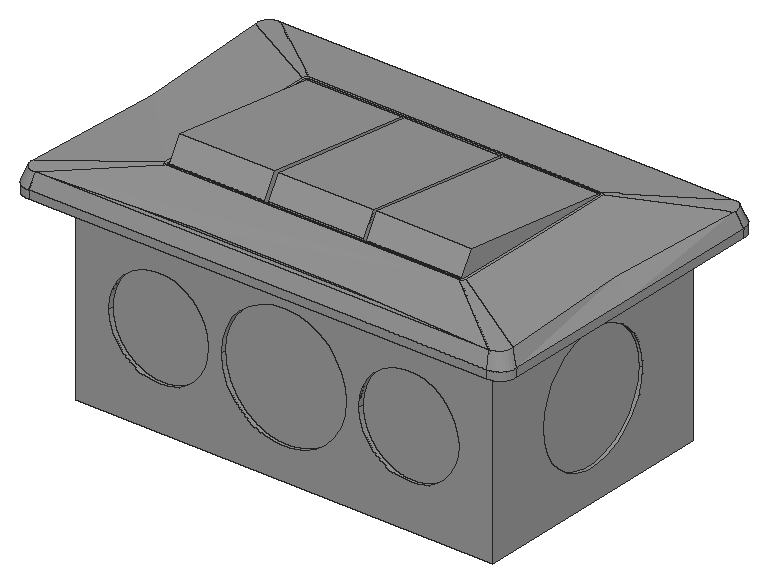
Revit family "PLACA VETO OSLO", category Electrical Fixtures, host Face, Revit 2023 (continued)
Definition of nested family "SIMBOLO CONMUTADOR DOBLE - ECUADOR"
  Reference planes
    plane 1 "Center (Front/Back)": y = 0
    plane 2: z = 0
    plane 3 "Center (Left/Right)": x = 0
  Lines and regions (mm)
    detail lines, in view "Ref. Level"
      curve 1: circle (0, 0, 0) r 100 normal (0, 0, 1)
      curve 2: line (147.916, 317.208, 0) -> (202.295, 291.851, 0)
      curve 3: line (126.785, 271.892, 0) -> (181.164, 246.535, 0)
      curve 4: line (42.262, 90.631, 0) -> (147.916, 317.208, 0)
      curve 5: line (-147.916, 317.208, 0) -> (-202.295, 291.851, 0)
      curve 6: line (-126.785, 271.892, 0) -> (-181.164, 246.535, 0)
      curve 7: line (-42.262, 90.631, 0) -> (-147.916, 317.208, 0)
Definition of nested family "SIMBOLO CONMUTADOR SIMPLE - ECUADOR"
  Reference planes
    plane 1 "Center (Front/Back)": y = 0
    plane 2: z = 0
    plane 3 "Center (Left/Right)": x = 0
  Lines and regions (mm)
    detail lines, in view "Ref. Level"
      curve 1: circle (0, 0, 0) r 100 normal (0, 0, 1)
      curve 2: line (147.916, 317.208, 0) -> (202.295, 291.851, 0)
      curve 3: line (42.262, 90.631, 0) -> (147.916, 317.208, 0)
      curve 4: line (-147.916, 317.208, 0) -> (-202.295, 291.851, 0)
      curve 5: line (-42.262, 90.631, 0) -> (-147.916, 317.208, 0)
Definition of nested family "SIMBOLO TOMACORRIENTE PARED - ECUADOR"
  Reference planes
    plane 1 "Center (Front/Back)": y = 0
    plane 2: z = 0
    plane 3 "Center (Left/Right)": x = 0
  Lines and regions (mm)
    detail lines, in view "Ref. Level"
      curve 1: circle (0, 0, 0) r 100 normal (0, 0, 1)
      curve 2: line (91.652, 40, 0) -> (-153.348, 40, 0)
      curve 3: line (91.652, -40, 0) -> (-153.348, -40, 0)
Definition of nested family "SIMBOLO TOMACORRIENTE PARED - MEXICO"
  Reference planes
    plane 1 "Center (Front/Back)": y = 0
    plane 2: z = 0
    plane 3 "Center (Left/Right)": x = 0
  Lines and regions (mm)
    Filled region 1, type "Concrete", in view "Ref. Level"
      outline origin (-10.063, -14.425, 0) x (1, 0, 0) y (0, 1, 0)
        loop
          line (99.063, -47.575) -> (99.063, -50.575) -> (110.063, -50.575) -> (110.063, -80.575) -> (113.063, -80.575) -> (113.063, -50.575) -> (124.063, -50.575) -> (124.063, -47.575) -> (99.063, -47.575)
    detail lines, in view "Ref. Level"
      curve 1: circle (0, 0, 0) r 100 normal (0, 0, 1)
      curve 2: line (80.149, 136.718, 0) -> (-136.718, -80.149, 0)
      curve 3: line (136.718, 80.149, 0) -> (-80.149, -136.718, 0)
Definition of nested family "SIMBOLO TOMACORRIENTE PISO - MEXICO"
  Parameters (values of type "SIMBOLO TOMACORRIENTE PISO - MEXICO")
    lado = 210.0 mm
  Reference planes
    plane 1 "Center (Front/Back)": y = 0
    plane 2: z = 0
    plane 3 "Center (Left/Right)": x = 0
    plane 4: x = -105
    plane 5: y = -105
    plane 6: x = 105
    plane 7: y = 105
    plane 8: through (0, 0, 4000) normal (-0.7071, 0.7071, 0)
  Lines and regions (mm)
    Filled region 1, type "Concrete", in view "Ref. Level"
      outline origin (-30.02, -12.461, 0) x (1, 0, 0) y (0, 1, 0)
        loop
          line (150.02, -53.461) -> (150.02, -56.461) -> (161.02, -56.461) -> (161.02, -86.461) -> (164.02, -86.461) -> (164.02, -56.461) -> (175.02, -56.461) -> (175.02, -53.461) -> (150.02, -53.461)
    detail lines, in view "Ref. Level"
      curve 1: circle (0, 0, 0) r 100 normal (0, 0, 1)
      curve 2: line (36.523, 93.092, 0) -> (-93.092, -36.523, 0)
      curve 3: line (93.092, 36.523, 0) -> (-36.523, -93.092, 0)
      curve 4: line (-105, 105, 0) -> (-105, -105, 0)
      curve 5: line (-105, -105, 0) -> (105, -105, 0)
      curve 6: line (105, -105, 0) -> (105, 105, 0)
      curve 7: line (105, 105, 0) -> (-105, 105, 0)
  Dimensions and locks
    "lado": plane 4 to plane 6
    "lado": plane 7 to plane 5
    equal spacing: plane 4, plane 3 "Center (Left/Right)", plane 6
    equal spacing: plane 7, plane 1 "Center (Front/Back)", plane 5
    locked: curve 2 to curve 3 at 80
    equal spacing: curve 2, plane 8, curve 3
    radius of curve 1 = 100.0 mm
    angle plane 1 "Center (Front/Back)" to plane 8 = 45.00°
    aligned and locked: curve 5 to plane 5
    aligned and locked: curve 4 to plane 4
    aligned and locked: plane 7 to curve 7
    aligned and locked: plane 6 to curve 6
  Automatic sketch dimensions
    plane 1 "Center (Front/Back)" to curve 1 = 0.0 mm
    curve 1 to plane 3 "Center (Left/Right)" = 0.0 mm
    plane 6 to Filled region 1 sketch curve = 15.0 mm
    Filled region 1 sketch curve to Filled region 1 sketch curve = 11.0 mm  (x2)
    Filled region 1 sketch curve to Filled region 1 sketch curve = 3.0 mm  (x2)
    plane 5 to Filled region 1 sketch curve = 6.079 mm
    Filled region 1 sketch curve to Filled region 1 sketch curve = 30.0 mm
    Filled region 1 sketch curve to Filled region 1 sketch curve = 0.0 mm
Definition of nested family "SIMBOLO TOMA GFCI PARED - MEXICO"
  Reference planes
    plane 1 "Center (Front/Back)": y = 0
    plane 2: z = 0
    plane 3 "Center (Left/Right)": x = 0
  Lines and regions (mm)
    Filled region 1, type "Concrete", in view "Ref. Level"
      outline origin (-62.629, -6.93, 0) x (1, 0, 0) y (0, 1, 0)
        loop
          line (151.629, -55.07) -> (151.629, -58.07) -> (162.629, -58.07) -> (162.629, -88.07) -> (165.629, -88.07) -> (165.629, -58.07) -> (176.629, -58.07) -> (176.629, -55.07) -> (151.629, -55.07)
    Filled region 2, type "Concrete", in view "Ref. Level"
      outline origin (0, 0, 0) x (1, 0, 0) y (0, 1, 0)
        loop
          arc (-93.092, -36.523) -> (-70.711, -70.711) -> (-36.523, -93.092) r 100
          line (-36.523, -93.092) -> (93.092, 36.523)
          arc (93.092, 36.523) -> (70.711, 70.711) -> (36.523, 93.092) r 100
          line (36.523, 93.092) -> (-93.092, -36.523)
    detail lines, in view "Ref. Level"
      curve 1: circle (0, 0, 0) r 100 normal (0, 0, 1)
Definition of nested family "SIMBOLO TOMA SIMPLE PARED - MEXICO"
  Reference planes
    plane 1 "Center (Front/Back)": y = 0
    plane 2: z = 0
    plane 3 "Center (Left/Right)": x = 0
  Lines and regions (mm)
    detail lines, in view "Ref. Level"
      curve 1: circle (0, 0, 0) r 100 normal (0, 0, 1)
      curve 2: line (36.523, 93.092, 0) -> (-93.092, -36.523, 0)
      curve 3: line (93.092, 36.523, 0) -> (-36.523, -93.092, 0)
Definition of nested family "SIMBOLO ZUMBADOR"
  Reference planes
    plane 1 "Center (Front/Back)": y = 0
    plane 2: z = 0
    plane 3 "Center (Left/Right)": x = 0
  Lines and regions (mm)
    detail lines, in view "Ref. Level"
      curve 1: line (-100, 100, 0) -> (100, 100, 0)
      curve 2: arc (-100, 100, 0) -> (0, 0, 0) -> (100, 100, 0) r 100
      curve 3: line (55, 16.484, 0) -> (55, -70, 0)
      curve 4: line (-55, 16.484, 0) -> (-55, -70, 0)
Definition of nested family "SIMBOLO TELEFONO - MEXICO"
  Reference planes
    plane 1 "Center (Front/Back)": y = 0
    plane 2: z = 0
    plane 3 "Center (Left/Right)": x = 0
  Lines and regions (mm)
    Filled region 1, type "Concrete", in view "Ref. Level"
      outline origin (0, 0, 0) x (1, 0, 0) y (0, 1, 0)
        loop
          line (-71.934, -69.466) -> (71.934, -69.466) -> (0, 100) -> (-71.934, -69.466)
    detail lines, in view "Ref. Level"
      curve 1: circle (0, 0, 0) r 100 normal (0, 0, 1)
Definition of nested family "SIMBOLO TELEFONO - COLOMBIA"
  Reference planes
    plane 1 "Center (Front/Back)": y = 0
    plane 2: z = 0
    plane 3 "Center (Left/Right)": x = 0
  Lines and regions (mm)
    Filled region 1, type "Concrete", in view "Ref. Level"
      outline origin (215, -140, 0) x (1, 0, 0) y (0, 1, 0)
        loop
          line (-350, 220) -> (-350, 215) -> (-325, 215) -> (-325, 150) -> (-320, 150) -> (-320, 215) -> (-295, 215) -> (-295, 220) -> (-350, 220)
    Filled region 2, type "Concrete", in view "Ref. Level"
      outline origin (205, -140, 0) x (1, 0, 0) y (0, 1, 0)
        loop
          line (-275, 220) -> (-275, 150) -> (-270, 150) -> (-270, 180) -> (-250, 180)
          arc (-250, 180) -> (-230, 200) -> (-250, 220) r 20
          line (-250, 220) -> (-275, 220)
        loop
          line (-270, 185) -> (-250, 185)
          arc (-250, 185) -> (-235, 200) -> (-250, 215) r 15
          line (-250, 215) -> (-270, 215) -> (-270, 185)
    detail lines, in view "Ref. Level"
      curve 1: line (0, -80, 0) -> (80, -80, 0)
      curve 2: line (0, 80, 0) -> (0, -80, 0)
      curve 3: line (80, 80, 0) -> (0, 80, 0)
      curve 4: line (0, 0, 0) -> (-96, 0, 0)
  Automatic sketch dimensions
    Filled region 1 sketch curve to plane 3 "Center (Left/Right)" = 135.0 mm
    Filled region 1 sketch curve to Filled region 1 sketch curve = 25.0 mm  (x2)
    Filled region 1 sketch curve to Filled region 1 sketch curve = 5.0 mm  (x2)
    Filled region 1 sketch curve to plane 1 "Center (Front/Back)" = 10.0 mm
    Filled region 1 sketch curve to Filled region 1 sketch curve = 65.0 mm
    Filled region 1 sketch curve to Filled region 1 sketch curve = 0.0 mm
    Filled region 2 sketch curve to Filled region 2 sketch curve = 0.0 mm  (x3)
    Filled region 2 sketch curve to plane 3 "Center (Left/Right)" = 70.0 mm
    Filled region 2 sketch curve to Filled region 2 sketch curve = 5.0 mm  (x2)
    Filled region 2 sketch curve to Filled region 2 sketch curve = 20.0 mm
    Filled region 2 sketch curve to plane 1 "Center (Front/Back)" = 10.0 mm
    Filled region 2 sketch curve to Filled region 2 sketch curve = 30.0 mm
    Filled region 2 sketch curve to Filled region 2 sketch curve = 15.0 mm
    plane 1 "Center (Front/Back)" to curve 4 = 0.0 mm
    curve 2 to plane 3 "Center (Left/Right)" = 0.0 mm
    plane 1 "Center (Front/Back)" to curve 1 = 80.0 mm
    curve 3 to plane 1 "Center (Front/Back)" = 80.0 mm
    curve 4 to plane 3 "Center (Left/Right)" = 96.0 mm
    plane 3 "Center (Left/Right)" to curve 3 = 80.0 mm
    plane 3 "Center (Left/Right)" to curve 1 = 80.0 mm
Definition of nested family "SIMBOLO TELEFONO - ECUADOR"
  Reference planes
    plane 1 "Center (Front/Back)": y = 0
    plane 2: z = 0
    plane 3 "Center (Left/Right)": x = 0
  Lines and regions (mm)
    Filled region 1, type "Concrete", in view "Ref. Level"
      outline origin (215, -40, 0) x (1, 0, 0) y (0, 1, 0)
        loop
          line (-350, 220) -> (-350, 215) -> (-325, 215) -> (-325, 150) -> (-320, 150) -> (-320, 215) -> (-295, 215) -> (-295, 220) -> (-350, 220)
    Filled region 2, type "Concrete", in view "Ref. Level"
      outline origin (205, -40, 0) x (1, 0, 0) y (0, 1, 0)
        loop
          line (-275, 220) -> (-275, 150) -> (-270, 150) -> (-270, 180) -> (-250, 180)
          arc (-250, 180) -> (-230, 200) -> (-250, 220) r 20
          line (-250, 220) -> (-275, 220)
        loop
          line (-270, 185) -> (-250, 185)
          arc (-250, 185) -> (-235, 200) -> (-250, 215) r 15
          line (-250, 215) -> (-270, 215) -> (-270, 185)
    detail lines, in view "Ref. Level"
      curve 1: line (-80, 100, 0) -> (-80, 20, 0)
      curve 2: line (80, 100, 0) -> (-80, 100, 0)
      curve 3: line (80, 20, 0) -> (80, 100, 0)
      curve 4: line (0, 100, 0) -> (0, 196, 0)
      curve 5: line (0, 196, 0) -> (-80, 196, 0)
  Automatic sketch dimensions
    Filled region 1 sketch curve to plane 3 "Center (Left/Right)" = 135.0 mm
    Filled region 1 sketch curve to Filled region 1 sketch curve = 25.0 mm  (x2)
    Filled region 1 sketch curve to Filled region 1 sketch curve = 5.0 mm  (x2)
    Filled region 1 sketch curve to plane 1 "Center (Front/Back)" = 110.0 mm
    Filled region 1 sketch curve to Filled region 1 sketch curve = 65.0 mm
    Filled region 1 sketch curve to Filled region 1 sketch curve = 0.0 mm
    Filled region 2 sketch curve to Filled region 2 sketch curve = 0.0 mm  (x3)
    Filled region 2 sketch curve to plane 3 "Center (Left/Right)" = 70.0 mm
    Filled region 2 sketch curve to Filled region 2 sketch curve = 5.0 mm  (x2)
    Filled region 2 sketch curve to Filled region 2 sketch curve = 20.0 mm
    Filled region 2 sketch curve to plane 1 "Center (Front/Back)" = 110.0 mm
    Filled region 2 sketch curve to Filled region 2 sketch curve = 30.0 mm
    Filled region 2 sketch curve to Filled region 2 sketch curve = 15.0 mm
    curve 4 to plane 3 "Center (Left/Right)" = 0.0 mm
    curve 2 to plane 3 "Center (Left/Right)" = 80.0 mm
    plane 3 "Center (Left/Right)" to curve 2 = 80.0 mm
    curve 2 to plane 1 "Center (Front/Back)" = 100.0 mm
    curve 4 to curve 5 = 96.0 mm
    curve 5 to plane 3 "Center (Left/Right)" = 80.0 mm
    curve 3 to plane 1 "Center (Front/Back)" = 20.0 mm
    curve 1 to plane 1 "Center (Front/Back)" = 20.0 mm
Definition of nested family "SIMBOLO TV - COLOMBIA"
  Reference planes
    plane 1 "Center (Front/Back)": y = 0
    plane 2: z = 0
    plane 3 "Center (Left/Right)": x = 0
  Lines and regions (mm)
    Filled region 1, type "Concrete", in view "Ref. Level"
      outline origin (215, -140, 0) x (1, 0, 0) y (0, 1, 0)
        loop
          line (-350, 220) -> (-350, 215) -> (-325, 215) -> (-325, 150) -> (-320, 150) -> (-320, 215) -> (-295, 215) -> (-295, 220) -> (-350, 220)
    Filled region 2, type "Concrete", in view "Ref. Level"
      outline origin (-5, -125, 0) x (1, 0, 0) y (0, 1, 0)
        loop
          line (-15, 205) -> (-20.309, 205) -> (-40, 149.866) -> (-59.691, 205) -> (-65, 205) -> (-40, 135) -> (-15, 205)
    detail lines, in view "Ref. Level"
      curve 1: line (0, -80, 0) -> (80, -80, 0)
      curve 2: line (0, 80, 0) -> (0, -80, 0)
      curve 3: line (80, 80, 0) -> (0, 80, 0)
      curve 4: line (0, 0, 0) -> (-96, 0, 0)
Definition of nested family "SIMBOLO TV - ECUADOR"
  Reference planes
    plane 1 "Center (Front/Back)": y = 0
    plane 2: z = 0
    plane 3 "Center (Left/Right)": x = 0
  Lines and regions (mm)
    Filled region 1, type "Concrete", in view "Ref. Level"
      outline origin (215, -140, 0) x (1, 0, 0) y (0, 1, 0)
        loop
          line (-350, 220) -> (-350, 215) -> (-325, 215) -> (-325, 150) -> (-320, 150) -> (-320, 215) -> (-295, 215) -> (-295, 220) -> (-350, 220)
    Filled region 2, type "Concrete", in view "Ref. Level"
      outline origin (-5, -125, 0) x (1, 0, 0) y (0, 1, 0)
        loop
          line (-65, 205) -> (-40, 135) -> (-15, 205) -> (-20.309, 205) -> (-40, 149.866) -> (-59.691, 205) -> (-65, 205)
    detail lines, in view "Ref. Level"
      curve 1: line (-80, 0, 0) -> (-80, -80, 0)
      curve 2: line (80, 0, 0) -> (-80, 0, 0)
      curve 3: line (80, -80, 0) -> (80, 0, 0)
      curve 4: line (0, 0, 0) -> (0, 96, 0)
      curve 5: line (0, 96, 0) -> (-80, 96, 0)
Definition of nested family "SIMBOLO TV - MEXICO"
  Reference planes
    plane 1 "Center (Front/Back)": y = 0
    plane 2: z = 0
    plane 3 "Center (Left/Right)": x = 0
  Lines and regions (mm)
    Filled region 1, type "Concrete", in view "Ref. Level"
      outline origin (290, -185, 0) x (1, 0, 0) y (0, 1, 0)
        loop
          line (-350, 220) -> (-350, 215) -> (-325, 215) -> (-325, 150) -> (-320, 150) -> (-320, 215) -> (-295, 215) -> (-295, 220) -> (-350, 220)
    Filled region 2, type "Concrete", in view "Ref. Level"
      outline origin (70, -170, 0) x (1, 0, 0) y (0, 1, 0)
        loop
          line (-15, 205) -> (-20.309, 205) -> (-40, 149.866) -> (-59.691, 205) -> (-65, 205) -> (-40, 135) -> (-15, 205)
    detail lines, in view "Ref. Level"
      curve 1: circle (0, 0, 0) r 100 normal (0, 0, 1)
Definition of nested family "SIMBOLO CAJA DE PASO - MEXICO"
  Reference planes
    plane 1 "Center (Front/Back)": y = 0
    plane 2: z = 0
    plane 3 "Center (Left/Right)": x = 0
  Lines and regions (mm)
    detail lines, in view "Ref. Level"
      curve 1: line (-100, -70, 0) -> (100, -70, 0)
      curve 2: line (-100, 70, 0) -> (-100, -70, 0)
      curve 3: line (100, 70, 0) -> (-100, 70, 0)
      curve 4: line (100, -70, 0) -> (100, 70, 0)
      curve 5: line (-100, 70, 0) -> (100, -70, 0)
      curve 6: line (-100, -70, 0) -> (100, 70, 0)
Definition of nested family "SIMBOLO CAJA DE PASO"
  Reference planes
    plane 1 "Center (Front/Back)": y = 0
    plane 2: z = 0
    plane 3 "Center (Left/Right)": x = 0
  Lines and regions (mm)
    Filled region 1, type "Concrete", in view "Ref. Level"
      outline origin (0, 0, 0) x (1, 0, 0) y (0, 1, 0)
        loop
          circle (0, 0) r 30
    detail lines, in view "Ref. Level"
      curve 1: circle (0, 0, 0) r 100 normal (0, 0, 1)
Types (14, lengths in mm): name | ZUMBADOR | URL | Type Image | TV SIMB COL | TV | TRIPLE | TOMA SIMB PARED COL | TOMA GFCI | TOMA DOBLE | TELF SIMB COL | TELEFONO | SIMB CAJA | RADIO_3 | PLACA PERFORADA | PLACA MIXTA TOMA | PLACA MIXTA INT | PLACA CIEGA | ONMICLASS | CONECTOR SIMPLE | SIMPLE | INT SIMB TRIPLE COL | SIMB TIMBRE | INT SIMB SIMPLE COL | INT SIMB DOBLE COL | RADIO_2 | Model | COM SIMB TRIPLE COL | COM SIMB SIMPLE COL | COM SIMB DOBLE COL | ABERTURA - LONGITUD | Tipo | Default Elevation | DOBLE | ABERTURA - ANCHO
  Interruptor Simple | no | "https://vetoelectric.com/producto/interruptor-simple-no-neon-balancin-ancho-oslo/" | OSLO_INT_SIMPLE.jpg | no | no | no | no | no | no | no | no | no | 0.5 | yes | no | no | no | "23.35.37.00" | yes | yes | no | no | yes | no | 0.8 | "PLACA INTERRUPTOR SIMPLE" | no | no | no | 71.0 | 1 | 1200.0 | no | 42.0
  Interruptor Doble | no | "https://vetoelectric.com/producto/interruptor-doble-no-neon-balancin-ancho-oslo/" | OSLO_INT_DOBLE.jpg | no | no | no | no | no | no | no | no | no | 0.5 | yes | no | yes | no | "23.35.37.00" | no | no | no | no | yes | yes | 0.8 | "PLACA INTERRUPTOR DOBLE" | no | no | no | 71.0 | 2 | 1200.0 | yes | 42.0
  Interruptor Triple | no | "https://vetoelectric.com/producto/interruptor-triple-no-neon-balancin-ancho-oslo/" | OSLO_INT_TRIPLE.jpg | no | no | yes | no | no | no | no | no | no | 0.5 | yes | no | no | no | "23.35.37.00" | no | no | yes | no | yes | yes | 0.8 | "PLACA INTERRUPTOR TRIPLE" | no | no | no | 71.0 | 3 | 1200.0 | no | 42.0
  Conmutador Simple | no | "https://vetoelectric.com/producto/conmutador-simple-no-neon-balancin-ancho-oslo/" | OSLO_INT_SIMPLE.jpg | no | no | no | no | no | no | no | no | no | 0.5 | yes | no | no | no | "23.35.37.00" | yes | yes | no | no | no | no | 0.8 | "PLACA CONMUTADOR SIMPLE" | no | yes | no | 71.0 | 4 | 1200.0 | no | 42.0
  Conmutador Doble | no | "https://vetoelectric.com/producto/conmutador-doble-no-neon-balancin-ancho-oslo/" | OSLO_INT_DOBLE.jpg | no | no | no | no | no | no | no | no | no | 0.5 | yes | no | yes | no | "23.35.37.00" | no | no | no | no | no | no | 0.8 | "PLACA CONMUTADOR DOBLE" | no | yes | yes | 71.0 | 5 | 1200.0 | yes | 42.0
  Conmutador Triple | no | "https://vetoelectric.com/producto/conmutador-triple-no-neon-balancin-ancho-oslo/" | OSLO_INT_TRIPLE.jpg | no | no | yes | no | no | no | no | no | no | 0.5 | yes | no | no | no | "23.35.37.00" | no | no | no | no | no | no | 0.8 | "PLACA CONMUTADOR TRIPLE" | yes | yes | yes | 71.0 | 6 | 1200.0 | no | 42.0
  Pulsador - Timbre | no | "https://vetoelectric.com/producto/pulsador-de-timbre-simple-no-neon-balancin-ancho-oslo/" | OSLO_TIMBRE.jpg | no | no | no | no | no | no | no | no | no | 0.5 | yes | no | no | no | "23.35.37.51" | yes | yes | no | yes | no | no | 0.8 | "PLACA PULSADOR TIMBRE" | no | no | no | 71.0 | 7 | 1200.0 | no | 42.0
  Tomacorriente Doble | no | "https://vetoelectric.com/producto/tomacorriente-doble-amer-2pe-oslo/" | OSLO_TOMA_DOBLE.jpg | no | no | no | yes | no | yes | no | no | no | 1.2 | yes | no | no | no | "23.35.27.11" | no | no | no | no | no | no | 1.5 | "PLACA TOMACORRIENTE DOBLE" | no | no | no | 65.5 | 8 | 400.0 | no | 36.0
  Placa Tomacorriente + Interrptor | no | "https://vetoelectric.com/producto/mixto-1-interruptor-no-neon-balancin-ancho-1-tomacorriente-amer-2pe-oslo/" | OSLO_INT_TOMA.jpg | no | no | no | yes | no | no | no | no | no | 0.5 | yes | yes | yes | no | "23.35.27.11 / 23.35.37.00" | no | no | yes | no | no | no | 0.8 | "PLACA MIXTA TOMACORRIENTE + INTERRUPTOR" | no | no | no | 71.0 | 10 | 1200.0 | no | 42.0
  Tomacorriente GFCI | no | "https://vetoelectric.com/producto/tomacorriente-doble-gfci-15a-oslo/" | OSLO_TOMA_GFCI.jpg | no | no | no | yes | yes | no | no | no | no | 1.2 | yes | no | no | no | "23.35.27.11" | no | no | no | no | no | no | 1.5 | "PLACA TOMACORRIENTE DOBLE GFCI" | no | no | no | 65.5 | 9 | 1200.0 | no | 36.0
  Puerto Teléfono | no | "https://vetoelectric.com/producto/jack-telefono-rj14-simple-oslo/" | OSLO_TELEFONO.jpg | no | no | no | no | no | no | yes | yes | no | 1.2 | yes | no | no | no | "23.85" | no | no | no | no | no | no | 1.5 | "PLACA PUERTO - TELEFONO" | no | no | no | 65.5 | 11 | 1200.0 | no | 36.0
  Puerto - Coaxial | no | "https://vetoelectric.com/producto/coaxial-simple-oslo/" | OSLO_COAXIAL.jpg | yes | yes | no | no | no | no | no | no | no | 1.2 | yes | no | no | no | "23.85" | no | no | no | no | no | no | 1.5 | "PLACA PUERTO COAXIAL" | no | no | no | 65.5 | 12 | 1200.0 | no | 36.0
  Zumbador | yes | "https://vetoelectric.com/producto/zumbador-simple-oslo/" | OSLO_ZUMBADOR.jpg | no | no | no | no | no | no | no | no | no | 1.2 | yes | no | no | no | "23.85.10.11" | no | no | no | no | no | no | 1.5 | "PLACA ZUMBADOR" | no | no | no | 65.5 | 13 | 1200.0 | no | 36.0
  Placa Ciega | no | "https://vetoelectric.com/producto/placa-ciega-oslo/" | OSLO_CAJA_PASO.jpg | no | no | no | no | no | no | no | no | yes | 1.2 | no | no | no | yes | "23.35.27.11" | yes | no | no | no | no | no | 1.5 | "PLACA CIEGA / CAJA DE PASO" | no | no | no | 71.0 | 14 | 400.0 | no | 42.0
